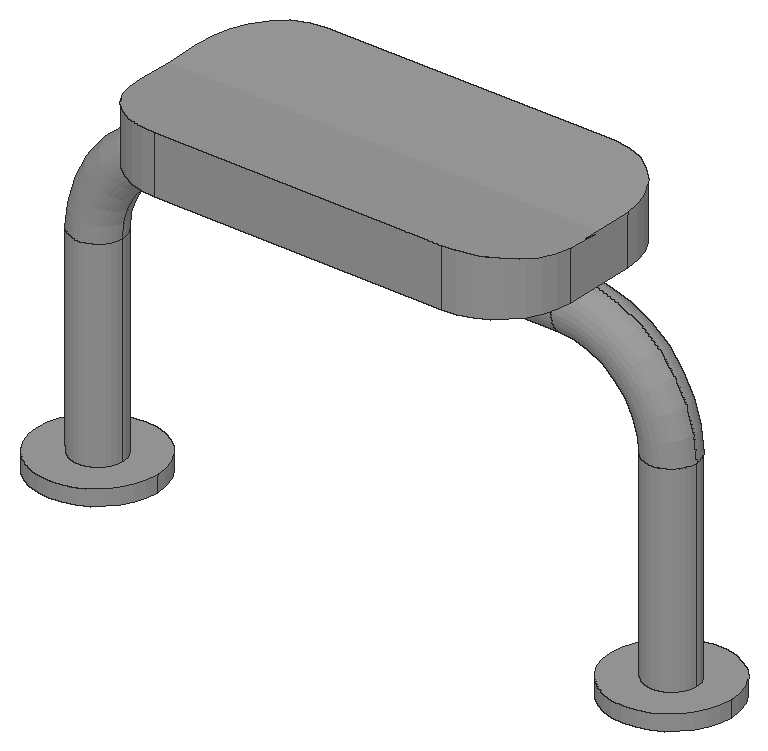
Revit family "ASH_Contour21_S6466_BIM_GB", category Plumbing Fixtures, host Face, Revit 2012
Parameters (values of type "S6466LJ")
  WaterEfficientProduct = no
  WarrantyStartDate = "n/a"
  WarrantyGuarantorParts = Company  # "Ideal Standard International Ltd"
  WarrantyDurationUnit = "Years"
  WarrantyDurationParts = "5"
  WarrantyDescription = "Manufacturers Warranty"
  WRAS = no
  VolumeUnits = "Litres"
  Version = "2"
  Uniclass2 = ""
  URL = "www.idealspec.co.uk"
  Type Comments = "n/a"
  TagNumber = "n/a"
  SustainabilityPerformance = "n/a"
  StandardsConformance = "DDA, Doc-M"
  SpareParts = "www.fastpart-spares.co.uk"
  Space = "Internal"
  Size = "400mm x 220mm x 84mm"
  Shape = "Tubular"
  SerialNumber = "n/a"
  SendEnquiry = "http://www.idealspec.co.uk/contact-us.html"
  SalesInformation = "http://www.idealspec.co.uk/contact-us.html"
  S6884AC Cushion = yes
  RAL = "7005"
  ProductInformation = "http://www.idealspec.co.uk/assets/datasheet/S6466LJ"
  ProductDataSheet = "http://www.idealspec.co.uk/assets/datasheet/S6466LJ"
  PredefinedType = "grabrail"
  Phone = "01543 490 253"
  PartNumber = "S6466LJ"
  NominalWidth = 84 mm
  NominalLength = 400 mm
  NominalHeight = 220 mm
  NettWeight = "4.62Kg (inc.cushion)"
  Name = "GRABRAIL_ArmitageShanks_Contour21-BackRestfor75cmPan_S6466"
  NBSTypeID = "n/a"
  NBSReference = ""
  NBSOfficeMasterTag = "n/a"
  NBSNote = "n/a"
  NBSDescription = ""
  NBSCertification = ""
  ModelReference = "S6466LJ"
  ModelNumber = "S6466LJ"
  Model = "S6466LJ"
  Material = "Aluminium"
  ManufacturerURL = "www.idealspec.co.uk"
  Manufacturer = Company  # "Ideal Standard International Ltd"
  MaintenanceInformation = "Productinfo@thebluebook.co.uk"
  LinearUnits = "mm"
  LRVValue = "20"
  InstallationInstructions = "http://www.idealspec.co.uk/resources.html"
  InstallationDate = "n/a"
  Help = "http://www.idealspec.co.uk/contact-us.html"
  GrossWeight = "n/a"
  Grade = "T6"
  Finish = "Powder Coated Aluminium Grey LJ"
  Features = "40 x 22 x 35mm diameter tube Light Grey"
  ExpectedLife = "30"
  Email = "Productinfo@thebluebook.co.uk"
  ElementType = "GRAB RAIL: Safety device to aid maintaining balance, lessen fatigue and assist in supporting weight whilst maneuvering the body"
  ECA = no
  DurationUnit = "Years"
  DistributedBy = "n/a"
  Description = "Contour 21 back support rail for 75cm projection WC, 40 x 22 x 35mm diameter tube"
  Default Elevation = 1219.2 mm
  CurrentRevision = "1"
  CurrencyUnit = "n/a"
  CreatedOn = "2014-10-09"
  CreatedBy = Company  # "Ideal Standard International Ltd"
  Constituents = "n/a"
  ConnectionType = "Mechanical"
  ComponentNames = "n/a"
  Company = "Ideal Standard International Ltd"
  Colour = Powder Coated Aluminium Grey LJ
  CodePerformance = "n/a"
  Category = "Furniture_GRABRAIL_UK"
  Brand = "Armitage Shanks"
  BarCode = "n/a"
  BREEAM Approved = no
  BIMObjectName = "GRABRAIL_ArmitageShanks_Contour21-BackRestfor75cmPan_S6466"
  Author = "Ideal Standard"
  AssetType = "Fixed"
  AssetIdentifier = "n/a"
  Assembly Code = "C1030200"
  AreaUnits = "mm"
  AreaMeasurement = "n/a"
  Accessories = "www.idealspec.co.uk"
  AccessibilityPerformance = "DDA Compliant"
Types (5, lengths in mm): name | RAL | ProductInformation | ProductDataSheet | PartNumber | ModelReference | ModelNumber | Model | Material | LRVValue | Grade | Finish | Features | Colour
  S6466LI | "5011" | "http://www.idealspec.co.uk/assets/datasheet/S6466LI" | "http://www.idealspec.co.uk/assets/datasheet/S6466LI" | "S6466LI" | "S646636" | "S646636" | "S646636" | "Aluminium" | "27" | "T6" | "Powder Coated Aluminium Blue LI" | "40 x 22 x 35mm diameter tube Blue" | Powder Coated Aluminium Blue LI
  S646601 | "9016" | "http://www.idealspec.co.uk/assets/datasheet/S646601" | "http://www.idealspec.co.uk/assets/datasheet/S646601" | "S646601" | "S6466AC" | "S6466AC" | "S6466AC" | "Alumnium" | "94" | "T6" | "Powder Coated Aluminium White 01" | "40 x 22 x 35mm diameter tube White" | Powder Coated Aluminium White 01
  S6466LJ | "7005" | "http://www.idealspec.co.uk/assets/datasheet/S6466LJ" | "http://www.idealspec.co.uk/assets/datasheet/S6466LJ" | "S6466LJ" | "S6466LJ" | "S6466LJ" | "S6466LJ" | "Aluminium" | "20" | "T6" | "Powder Coated Aluminium Grey LJ" | "40 x 22 x 35mm diameter tube Light Grey" | Powder Coated Aluminium Grey LJ
  S6466RN | "7016" | "http://www.idealspec.co.uk/assets/datasheet/S6466RN" | "http://www.idealspec.co.uk/assets/datasheet/S6466RN" | "S6466RN" | "S6466RN" | "S6466RN" | "S6466RN" | "Aluminium" | "9" | "T6" | "Powder Coated Aluminium Charcoal RN" | "40 x 22 x 35mm diameter tube Charcoal" | Powder Coated Aluminium Charcoal RN
  S6466MY | "n/a" | "http://www.idealspec.co.uk/assets/datasheet/S6466MY" | "http://www.idealspec.co.uk/assets/datasheet/S6466MY" | "S6466MY" | "S6466MY" | "S6466MY" | "S6466MY" | "Stainless Steel" | "n/a" | "304" | "Polished" | "40 x 22 x 35mm diameter tube Stainless Steel" | Stainless Steel MY
Reference planes
  plane 1 "Center (Front/Back)": y = 0
  plane 2: z = 0
  plane 3 "Center (Left/Right)": x = 0
  plane 4: x = 400
  plane 5: x = 200
  plane 6: z = 220
  plane 7: y = 42
  plane 8: y = -42
  plane 9: x = 50
  plane 10: z = 237.5
  plane 11: z = 277.647
Forms (mm)
  Extrusion 1, solid, material "Powder Coated Aluminium Grey LJ" <- "Colour", detail levels medium+fine
    sketch origin (0, 0, 0) x (1, 0, 0) y (0, 1, 0)
      loop
        circle (0, 0) r 42
    from 0 to 11
  Extrusion 2, solid, material "Powder Coated Aluminium Grey LJ" <- "Colour", detail levels medium+fine
    sketch origin (600, 0, 0) x (-1, 0, 0) y (0, -1, 0)
      loop
        circle (200, 0) r 42
    from 0 to 11
  Sweep 3, solid, material "Powder Coated Aluminium Grey LJ" <- "Colour", detail levels medium+fine
    path origin (0, 0, 0) x (1, 0, 0) y (0, 0, 1)
      loop
        line (0, 0) -> (0, 150)
        arc (0, 150) -> (20.503, 199.497) -> (70, 220) r 70
        line (70, 220) -> (330, 220)
        arc (330, 220) -> (379.497, 199.497) -> (400, 150) r 70
        line (400, 150) -> (400, 0)
    profile origin (0, 0, 75) x (-1, 0, 0) y (0, -1, 0)
      loop
        circle (0, 0) r 17.5
  Extrusion 4, solid, material "PVC white", visible <- "S6884AC Cushion", detail levels medium+fine
    sketch origin (50, 205.074, 1219.2) x (0, 1, 0) y (0, 0, 1)
      loop
        line (-205.074, -981.553) -> (-130.074, -981.553) -> (-130.074, -941.553)
        arc (-130.074, -941.553) -> (-205.074, -948.037) -> (-280.074, -941.553) r 436.954
        line (-280.074, -941.553) -> (-280.074, -981.553) -> (-205.074, -981.553)
    from 0 to 300
  Extrusion 5, void
    sketch origin (50, -4572, 277.647) x (0, -1, 0) y (-1, 0, 0)
      loop
        line (-4647, 0) -> (-4647, -50)
        arc (-4647, -50) -> (-4632.355, -14.645) -> (-4597, 0) r 50
        line (-4597, 0) -> (-4647, 0)
      loop
        line (-4647, -300) -> (-4597, -300)
        arc (-4597, -300) -> (-4632.355, -285.355) -> (-4647, -250) r 50
        line (-4647, -250) -> (-4647, -300)
      loop
        line (-4497, -300) -> (-4497, -250)
        arc (-4497, -250) -> (-4511.645, -285.355) -> (-4547, -300) r 50
        line (-4547, -300) -> (-4497, -300)
      loop
        line (-4497, 0) -> (-4547, 0)
        arc (-4547, 0) -> (-4511.645, -14.645) -> (-4497, -50) r 50
        line (-4497, -50) -> (-4497, 0)
    from 0 to 250
Cuts and joins
  Extrusion 5 cuts Extrusion 4
Dimensions and locks
  "NominalLength": plane 3 "Center (Left/Right)" to plane 4
  equal spacing: plane 3 "Center (Left/Right)", plane 5, plane 4
  "NominalHeight": plane 6 to host face
  equal spacing: plane 7, plane 1 "Center (Front/Back)", plane 8, locked at 42 each
  "NominalWidth": plane 7 to plane 8
  locked: plane 9 to plane 5 at 150
  locked: plane 10 to plane 6 at 17.5
  aligned and locked: plane 2 to host face
  aligned and locked: level to host face
Automatic sketch dimensions
  host sketch curve to host sketch curve = 2438.4 mm  (x2)
  plane 1 "Center (Front/Back)" to Extrusion 1 sketch curve = 0 mm
  Extrusion 1 sketch curve to plane 3 "Center (Left/Right)" = 0 mm
  plane 1 "Center (Front/Back)" to Extrusion 2 sketch curve = 0 mm
  Extrusion 2 sketch curve to plane 4 = 0 mm
  Sweep 3 sketch curve to plane 3 "Center (Left/Right)" = 0 mm
  Sweep 3 sketch curve to plane 6 = 0 mm
  Sweep 3 sketch curve to plane 4 = 0 mm
  Sweep 3 sketch curve to level = 0 mm  (x2)
  plane 3 "Center (Left/Right)" to Sweep 3 sketch curve = 70 mm
  Sweep 3 sketch curve to Sweep 3 sketch curve = 70 mm
  plane 1 "Center (Front/Back)" to Sweep 3 sketch curve = 0 mm
  Sweep 3 sketch curve to profile plane = 0 mm
  Extrusion 4 sketch curve to plane 1 "Center (Front/Back)" = 0 mm  (x2)
  Extrusion 4 sketch curve to plane 8 = 33 mm
  plane 10 to Extrusion 4 sketch curve = 0.147 mm
  plane 11 to Extrusion 4 sketch curve = 430.47 mm
  Extrusion 4 sketch curve to plane 11 = 0 mm  (x2)
  Extrusion 5 sketch curve to plane 9 = 0 mm  (x2)
  plane 7 to Extrusion 5 sketch curve = 33 mm  (x2)
  Extrusion 5 sketch curve to plane 7 = 17 mm  (x2)
  plane 8 to Extrusion 5 sketch curve = 17 mm  (x2)
  Extrusion 5 sketch curve to plane 8 = 33 mm  (x2)
  Extrusion 5 sketch curve to plane 4 = 100 mm  (x2)
  radius of Extrusion 1 sketch curve = 42 mm
  radius of Extrusion 2 sketch curve = 42 mm
  radius of Sweep 3 sketch curve = 17.5 mm
